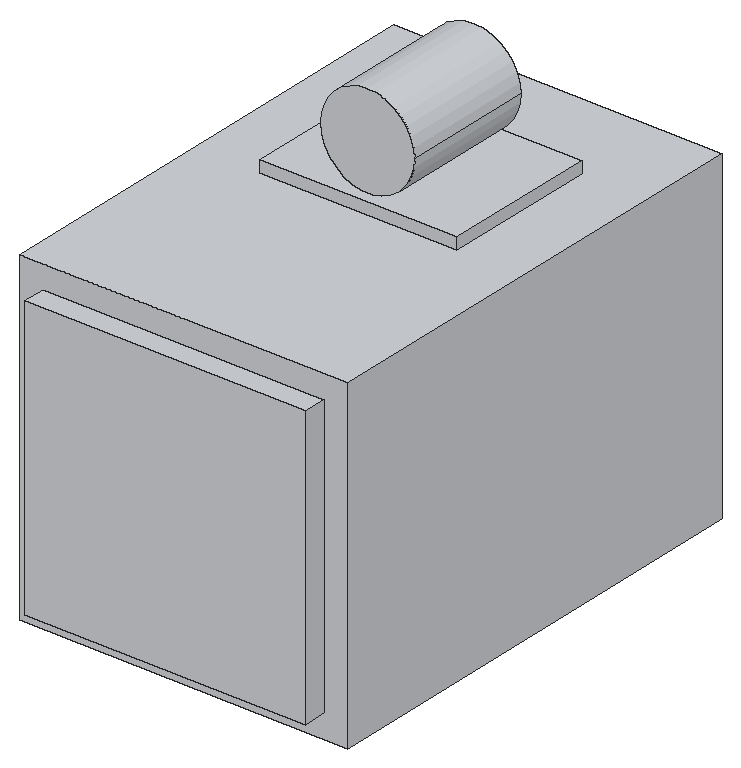
Revit family "13918b8e2e174fc2925a4fe6639b4198", category Mechanical Equipment, Revit 2021
Family settings
  Round Connector Dimension = Use Diameter
  Part Type = Normal
  OmniClass Number = 23.75.35.17.27
  OmniClass Title = Centrifugal Fans
  Seek Item ID = Centrifugal Fan - Inline - Belt Drive-0000-USA-ENU
  Work Plane-Based = No
  Always vertical = Yes
  Cut with Voids When Loaded = No
  Shared = No
  Room Calculation Point = No
Parameters (values of type "1500 CFM")
  Voltage = 460 V
  Symbol Motor Radius = Fan Width * 0.3  # 0' - 4.2"
  Symbol Length 1 = Symbol Motor Radius * 0.2  # 0' - 0.84"
  Support Width = Fan Width * 0.6  # 0' - 8.4"
  Support Length = Fan Length / 3  # 0' - 6.66667"
  Small Symbol Motor Radius = Symbol Motor Radius - 0' 3"  # 0' - 1.2"
  Number of Poles = 3
  Load Classification = Cooling
  Default Elevation = 0' - 0"
  Assembly Code = ""
  Apparent Load [instance] = 470 VA
  Air Pressure Drop [instance] = 0.50 in-wg
  Motor Height = Fan Height + Motor Radius + 0' 0 1/2"  # 1' - 4 1/2"
  Height 1 = 0' - 11 1/2"
  Half Support Width = Support Width / 2  # 0' - 4.2"
  Half Support Length = Support Length / 2  # 0' - 3.33333"
  Half Fan Width = Fan Width / 2  # 0' - 7"
  Half Fan Length = Fan Length / 2  # 0' - 10"
  Half Fan Height = Fan Height / 2  # 0' - 7"
  Motor Radius = Motor Diameter / 2  # 0' - 2"
  Half Duct Width 2 = Duct Width 2 / 2  # 0' - 6"
  Half Duct Width 1 = Duct Width 1 / 2  # 0' - 6"
  Half Duct Height 2 = Duct Height 2 / 2  # 0' - 6"
  Half Duct Height 1 = Duct Height 1 / 2  # 0' - 6"
  Fan Width = 1' - 2"
  Fan Material = none
  Fan Length = 1' - 8"
  Fan Height = Fan Width  # 1' - 2"
  Motor Diameter = Height 1 - Fan Height / 2 - 0' 0 1/2"  # 0' - 4"
  Duct Width 2 = 12"
  Duct Width 1 = 12"
  Duct Height 2 = Duct Width 2  # 12"
  Duct Height 1 = Duct Width 1  # 12"
  Air Flow [instance] = 1500 CFM
Types (6): name | Symbol Motor Radius | Symbol Length 1 | Support Width | Support Length | Small Symbol Motor Radius | Apparent Load | Air Pressure Drop | Motor Height | Height 1 | Half Support Width | Half Support Length | Half Fan Width | Half Fan Length | Half Fan Height | Motor Radius | Half Duct Width 2 | Half Duct Width 1 | Half Duct Height 2 | Half Duct Height 1 | Fan Width | Fan Length | Fan Height | Motor Diameter | Duct Width 2 | Duct Width 1 | Duct Height 2 | Duct Height 1 | Air Flow
  1500 CFM | 0' - 4.2" | 0' - 0.84" | 0' - 8.4" | 0' - 6.66667" | 0' - 1.2" | 470 VA | 0.50 in-wg | 1' - 4 1/2" | 0' - 11 1/2" | 0' - 4.2" | 0' - 3.33333" | 0' - 7" | 0' - 10" | 0' - 7" | 0' - 2" | 0' - 6" | 0' - 6" | 0' - 6" | 0' - 6" | 1' - 2" | 1' - 8" | 1' - 2" | 0' - 4" | 12" | 12" | 12" | 12" | 1500 CFM
  4500 CFM | 0' - 7.2" | 0' - 1.44" | 1' - 2.4" | 0' - 8" | 0' - 4.2" | 627 VA | 0.60 in-wg | 2' - 3 1/2" | 1' - 6 1/2" | 0' - 7.2" | 0' - 4" | 1' - 0" | 1' - 0" | 1' - 0" | 0' - 3" | 0' - 11" | 0' - 11" | 0' - 11" | 0' - 11" | 2' - 0" | 2' - 0" | 2' - 0" | 0' - 6" | 22" | 22" | 22" | 22" | 4500 CFM
  6500 CFM | 0' - 9" | 0' - 1.8" | 1' - 6" | 0' - 10.66667" | 0' - 6" | 940 VA | 0.80 in-wg | 2' - 11" | 2' - 0 1/2" | 0' - 9" | 0' - 5.33333" | 1' - 3" | 1' - 4" | 1' - 3" | 0' - 4 1/2" | 1' - 2" | 1' - 2" | 1' - 2" | 1' - 2" | 2' - 6" | 2' - 8" | 2' - 6" | 0' - 9" | 28" | 28" | 28" | 28" | 6500 CFM
  9500 CFM | 0' - 10.8" | 0' - 2.16" | 1' - 9.6" | 1' - 0.66667" | 0' - 7.8" | 1254 VA | 1.00 in-wg | 3' - 6 1/2" | 2' - 6 1/2" | 0' - 10.8" | 0' - 6.33333" | 1' - 6" | 1' - 7" | 1' - 6" | 0' - 6" | 1' - 5" | 1' - 5" | 1' - 5" | 1' - 5" | 3' - 0" | 3' - 2" | 3' - 0" | 1' - 0" | 34" | 34" | 34" | 34" | 9500 CFM
  17000 CFM | 1' - 2.4" | 0' - 2.88" | 2' - 4.8" | 1' - 2" | 0' - 11.4" | 3134 VA | 1.75 in-wg | 4' - 7 1/2" | 3' - 2 1/2" | 1' - 2.4" | 0' - 7" | 2' - 0" | 1' - 9" | 2' - 0" | 0' - 7" | 1' - 11" | 1' - 11" | 1' - 11" | 1' - 11" | 4' - 0" | 3' - 6" | 4' - 0" | 1' - 2" | 46" | 46" | 46" | 46" | 17000 CFM
  19000 CFM | 1' - 4.8" | 0' - 3.36" | 2' - 9.6" | 1' - 4" | 1' - 1.8" | 4701 VA | 2.25 in-wg | 5' - 4 1/2" | 3' - 8 1/2" | 1' - 4.8" | 0' - 8" | 2' - 4" | 2' - 0" | 2' - 4" | 0' - 8" | 2' - 1" | 2' - 1" | 2' - 1" | 2' - 1" | 4' - 8" | 4' - 0" | 4' - 8" | 1' - 4" | 50" | 50" | 50" | 50" | 19000 CFM
Reference planes (in)
  plane 1 "Center (Front/Back)": y = 0
  plane 2: z = 0
  plane 3 "Center (Left/Right)": x = 0
  plane 4: y = -20
  plane 5: y = 1
  plane 6: y = -21
  plane 7: y = -4
  plane 8: y = -10.66667
  plane 9: y = -4.5
  plane 10: y = -10.16667
  plane 11: x = 6
  plane 12: x = -6
  plane 13: x = -7
  plane 14: x = 7
  plane 15: x = -2
  plane 16: x = 2
  plane 17: x = 4.2
  plane 18: x = -4.2
  plane 19: z = 14
  plane 20: z = 7
  plane 21: z = 13
  plane 22: z = 1
  plane 23: z = 14.5
  plane 24: z = 18.5
  plane 25: y = -7.33333
  plane 26: x = 4.2
  plane 27: y = -14.2
  plane 28: y = -15.04
  plane 29: y = -10
  plane 30: z = 16.5
  plane 31: x = -7
  plane 32: z = 13
  plane 33: z = 1
  plane 34: x = 6
  plane 35: x = -6
Forms (in)
  Extrusion 1, solid, material <- "Fan Material"
    sketch origin (0, 0, 0) x (1, 0, 0) y (0, 1, 0)
      loop
        line (-7, 0) -> (-7, -20) -> (7, -20) -> (7, 0) -> (-7, 0)
    from 0 to 14
  Extrusion 2, solid, material <- "Fan Material"
    sketch origin (0, 0, 0) x (1, 0, 0) y (0, 1, 0)
      loop
        line (-4.2, -4) -> (-4.2, -10.66667) -> (4.2, -10.66667) -> (4.2, -4) -> (-4.2, -4)
    from 14 to 14.5
  Extrusion 3, solid, material <- "Fan Material"
    sketch origin (0, 0, 0) x (1, 0, 0) y (0, 0, 1)
      loop
        circle (0, 16.5) r 2
    from 4.5 to 10.16667
  Extrusion 4, solid, material <- "Fan Material"
    sketch origin (0, 0, 0) x (1, 0, 0) y (0, 1, 0)
      loop
        line (-6, 1) -> (-6, 0) -> (6, 0) -> (6, 1) -> (-6, 1)
    from 1 to 13
  Extrusion 5, solid, material <- "Fan Material"
    sketch origin (0, 0, 0) x (1, 0, 0) y (0, 1, 0)
      loop
        line (-6, -20) -> (-6, -21) -> (6, -21) -> (6, -20) -> (-6, -20)
    from 1 to 13
Lines and regions (in)
  symbolic lines, detail levels coarse+medium
    curve 1: arc (4.2, -10, 0) -> (-2.96985, -7.03015, 0) -> (0, -14.2, 0) r 4.2
    curve 2: line (0, -14.2, 0) -> (0, -15.04, 0)
    curve 3: circle (0, -10, 0) r 1.2 normal (0, 0, 1)
    curve 4: line (0, -15.04, 0) -> (4.2, -15.04, 0)
    curve 5: line (4.2, -15.04, 0) -> (4.2, -10, 0)
  symbolic lines, detail levels fine
    curve 6: line (4.2, -4, 0) -> (-4.2, -4, 0)
    curve 7: line (-4.2, -4, 0) -> (-4.2, -10.66667, 0)
    curve 8: line (-4.2, -10.66667, 0) -> (4.2, -10.66667, 0)
    curve 9: line (4.2, -10.66667, 0) -> (4.2, -4, 0)
    curve 10: line (2, -4.5, 0) -> (-2, -4.5, 0)
    curve 11: line (-2, -4.5, 0) -> (-2, -10.16667, 0)
    curve 12: line (2, -10.16667, 0) -> (2, -4.5, 0)
    curve 13: line (-2, -10.16667, 0) -> (2, -10.16667, 0)
    curve 14: line (-6, 1, 0) -> (-6, 0, 0)
    curve 15: line (6, 0, 0) -> (6, 1, 0)
    curve 16: line (6, -21, 0) -> (6, -20, 0)
    curve 17: line (-6, -20, 0) -> (-6, -21, 0)
Dimensions and locks (in)
  "Fan Length": plane 4 to plane 1 "Center (Front/Back)"
  locked: plane 1 "Center (Front/Back)" to plane 5 at 1
  locked: plane 4 to plane 6 at 1
  locked: plane 7 to plane 1 "Center (Front/Back)" at 4
  "Support Length": plane 8 to plane 7
  locked: plane 9 to plane 7 at 0.5
  locked: plane 8 to plane 10 at 0.5
  "Half Duct Width 1": plane 12 to plane 3 "Center (Left/Right)"
  "Duct Width 1": plane 12 to plane 11
  "Half Duct Width 1": plane 3 "Center (Left/Right)" to plane 11
  "Fan Width": plane 13 to plane 14
  "Half Fan Width": plane 13 to plane 3 "Center (Left/Right)"
  "Half Fan Width": plane 3 "Center (Left/Right)" to plane 14
  "Motor Diameter": plane 15 to plane 16
  "Motor Radius": plane 15 to plane 3 "Center (Left/Right)"
  "Motor Radius": plane 3 "Center (Left/Right)" to plane 16
  "Support Width": plane 18 to plane 17
  "Half Support Width": plane 18 to plane 3 "Center (Left/Right)"
  "Half Support Width": plane 3 "Center (Left/Right)" to plane 17
  "Fan Height": plane 19 to plane 2
  "Duct Height 1": plane 21 to plane 22
  "Half Fan Width": plane 20 to plane 2
  "Half Duct Height 1": plane 22 to plane 20
  locked: plane 23 to plane 19 at 0.5
  "Height 1": plane 24 to plane 20
  "Half Support Length": plane 8 to plane 25
  "Symbol Motor Radius": plane 3 "Center (Left/Right)" to plane 26
  "Symbol Length 1": plane 27 to plane 28
  "Half Fan Length": plane 29 to plane 1 "Center (Front/Back)"
  "Symbol Motor Radius": plane 27 to plane 29
  "Motor Height": plane 30 to level
  "Duct Height 2": plane 32 to plane 33
  "Duct Width 2": plane 35 to plane 34
  "Half Duct Width 2": plane 35 to plane 3 "Center (Left/Right)"
  "Half Duct Height 2": plane 32 to plane 20
  "Symbol Motor Radius": radius of curve 1
  "Small Symbol Motor Radius": radius of curve 3
  "Motor Radius": radius of Extrusion 3 sketch curve
  aligned and locked: Extrusion 1 to plane 1 "Center (Front/Back)"
  aligned and locked: plane 14 to Extrusion 1
  aligned and locked: plane 4 to Extrusion 1
  aligned and locked: Extrusion 1 to plane 13
  aligned and locked: Extrusion 2 to plane 7
  aligned and locked: plane 17 to Extrusion 2
  aligned and locked: plane 8 to Extrusion 2
  aligned and locked: plane 18 to Extrusion 2
  aligned and locked: plane 19 to Extrusion 1
  aligned and locked: Extrusion 1 to plane 2
  aligned and locked: plane 1 "Center (Front/Back)" to Extrusion 1
  aligned and locked: Extrusion 1 to plane 4
  aligned and locked: plane 19 to Extrusion 2
  aligned and locked: plane 23 to Extrusion 2
  aligned and locked: plane 29 to curve 1
  aligned and locked: plane 29 to curve 3
  aligned and locked: plane 3 "Center (Left/Right)" to curve 3
  aligned and locked: plane 26 to curve 5
  aligned and locked: plane 28 to curve 4
  aligned and locked: curve 2 to plane 3 "Center (Left/Right)"
  aligned and locked: plane 30 to Extrusion 3 sketch curve
  aligned and locked: plane 3 "Center (Left/Right)" to Extrusion 3 sketch curve
  aligned and locked: Extrusion 3 to plane 9
  aligned and locked: plane 10 to Extrusion 3
  aligned and locked: Extrusion 4 to plane 5
  aligned and locked: plane 11 to Extrusion 4
  aligned and locked: plane 12 to Extrusion 4
  aligned and locked: plane 1 "Center (Front/Back)" to Extrusion 4
  aligned and locked: plane 34 to Extrusion 5
  aligned and locked: Extrusion 5 to plane 6
  aligned and locked: plane 35 to Extrusion 5
  aligned and locked: plane 4 to Extrusion 5
  aligned and locked: plane 21 to Extrusion 4
  aligned and locked: plane 22 to Extrusion 4
  aligned and locked: plane 32 to Extrusion 5
  aligned and locked: Extrusion 5 to plane 33
  aligned and locked: curve 14 to Extrusion 4
  aligned and locked: curve 15 to Extrusion 4
  aligned and locked: curve 16 to Extrusion 5
  aligned and locked: curve 17 to Extrusion 5
  aligned and locked: plane 7 to curve 9
  aligned and locked: plane 18 to curve 6
  aligned and locked: plane 26 to curve 6
  aligned and locked: plane 7 to curve 7
  aligned and locked: plane 26 to curve 8
  aligned and locked: plane 18 to curve 8
  aligned and locked: plane 8 to curve 7
  aligned and locked: plane 8 to curve 9
Automatic sketch dimensions
  Extrusion 1 sketch curve to plane 4 = 0' - 0"
  Extrusion 1 sketch curve to plane 13 = 0' - 0"
  Extrusion 1 sketch curve to plane 14 = 0' - 0"
  Extrusion 1 sketch curve to plane 1 "Center (Front/Back)" = 0' - 0"
  Extrusion 2 sketch curve to plane 8 = 0' - 0"
  Extrusion 2 sketch curve to plane 18 = 0' - 0"
  Extrusion 2 sketch curve to plane 17 = 0' - 0"
  Extrusion 2 sketch curve to plane 7 = 0' - 0"
  Extrusion 4 sketch curve to plane 1 "Center (Front/Back)" = 0' - 0"
  Extrusion 4 sketch curve to plane 12 = 0' - 0"
  Extrusion 4 sketch curve to plane 11 = 0' - 0"
  Extrusion 4 sketch curve to plane 5 = 0' - 0"
  Extrusion 5 sketch curve to plane 6 = 0' - 0"
  Extrusion 5 sketch curve to plane 35 = 0' - 0"
  Extrusion 5 sketch curve to plane 34 = 0' - 0"
  Extrusion 5 sketch curve to plane 4 = 0' - 0"
  plane 10 to curve 13 = 0' - 0"
  curve 13 to plane 15 = 0' - 0"
  curve 13 to plane 16 = 0' - 0"
  curve 16 to plane 6 = 0' - 0"
  curve 17 to plane 6 = 0' - 0"
  curve 16 to plane 4 = 0' - 0"
  curve 17 to plane 4 = 0' - 0"
  plane 9 to curve 12 = 0' - 0"
  plane 1 "Center (Front/Back)" to curve 15 = 0' - 0"
  plane 1 "Center (Front/Back)" to curve 14 = 0' - 0"
  plane 5 to curve 14 = 0' - 0"
  plane 5 to curve 15 = 0' - 0"
Connectors (in)
  hvac at (0, 1, 7), driven by "Duct Height 1", driven by "Duct Width 1", driven by "Air Flow"
    settings: on Extrusion 4, index 1, duct flow 1500 CFM, flow factor 0, pres drop 0.00 in-wg, loss coef 0, conn angle 0.00°, conn width 12", conn height 12", conn diameter 24", duct sys type 29, conn prof type 1, flow config 0, flow direction 2, loss method 0, conn ref index 2, conn util no, is conn primary yes, conn desc ""
  hvac at (0, -21, 7), driven by "Air Pressure Drop", driven by "Duct Height 2", driven by "Duct Width 2", driven by "Air Flow"
    settings: on Extrusion 5, index 2, duct flow 1500 CFM, flow factor 0, pres drop 0.50 in-wg, loss coef 0, conn angle 0.00°, conn width 12", conn height 12", conn diameter 24", duct sys type 29, conn prof type 1, flow config 0, flow direction 1, loss method 0, conn ref index 1, conn util no, is conn primary no, conn desc ""
  electrical at (0, -4.5, 16.5), driven by "Number of Poles", driven by "Voltage", driven by "Apparent Load", driven by "Load Classification"
    settings: on Extrusion 3, index 3, voltage 460 V, apparent load 470 VA, apparent load phase1 0 VA, apparent load phase2 0 VA, apparent load phase3 0 VA, power factor 1, load classification "Cooling", number of poles 3, system type 30, power factor state 1, is connector primary yes, connector utility no, sub classification motor no, connector description ""
